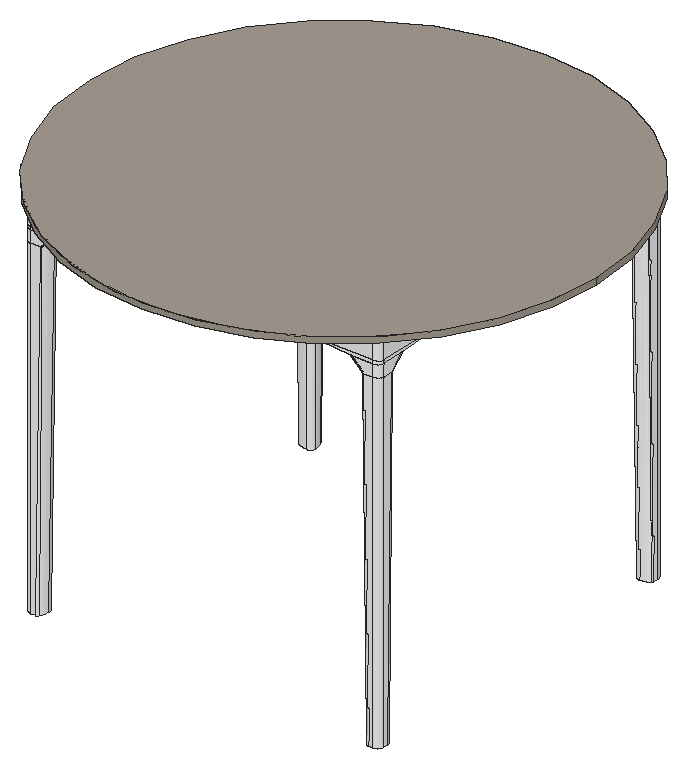
Revit family "BDG_BossDesign_Tbls_ATOM_CircularTables1", category Furniture, Revit 2016
Family settings
  OmniClass Number = 23.40.20.00
  OmniClass Title = General Furniture and Specialties
  Work Plane-Based = No
  Always vertical = Yes
  Cut with Voids When Loaded = No
  Shared = Yes
  Room Calculation Point = No
Parameters (values of type "1000mm Circular Table")
  WorksurfaceArea = 0.00 m²
  WarrantyStartDate [instance] = "1900-12-31T23:59:59"
  WarrantyGuarantorParts = "sales@bossdesign.com"
  WarrantyGuarantorLabor = "sales@bossdesign.com"
  WarrantyDurationUnit = "year"
  WarrantyDurationParts = "5"
  WarrantyDurationLabor = "5"
  WarrantyDescription = "n/a"
  Version = "1"
  Uniclass2015Version = "Products v1.10"
  Uniclass2015Title = "Desks, tables and worktops"
  Uniclass2015Code = "Pr_40_50_21"
  Uniclass2 = "n/a"
  URL = "www.bossdesign.com"
  TopMaterial = BDG_Generic_Wood_MFC
  TagNumber [instance] = "n/a"
  SustainabilityPerformance = "n/a"
  Style = "n/a"
  Size = "1000 x 1000 x 735mm"
  Shape = "Circular"
  SerialNumber [instance] = "n/a"
  Revision = "n/a"
  ReplacementCost = "n/a"
  ProductInformation = "www.bossdesign.com/product-list/atom-tables"
  NumberOfChairs = 0
  NominalWidth = 1000 mm
  NominalLength = 1000 mm
  NominalHeight = 735 mm
  Name = "Tables_ATOM_CircularTables_BossDesign"  # constant formula
  NBSTypeID = "n/a"
  NBSReference = "45-35-86/327"
  NBSOfficeMasterTag = "n/a"
  NBSDescription = "Tables"
  ModelReference = "1000mm Circular Table"
  ModelNumber = "BOSS_ATTC1000"
  Model = ModelNumber  # "BOSS_ATTC1000"
  Material = "Standard Finishes - MFC, MF MDF, Compact Laminate, \r\nPremium Finishes - Oak & BAW Veneer, Fenix and Linoleum. "  # constant formula
  ManufacturerURL = "www.bossdesign.com"
  ManufacturerName = "n/a"
  Manufacturer = "sales@bossdesign.com"
  MainColor = Color  # "n/a"
  Keynote = Uniclass2015Code  # "Pr_40_50_21"
  InstallationDate [instance] = "1900-12-31T23:59:59"
  IfcExportType = "TABLE"
  IfcExportAs = "IfcFurnishingElementType"
  Grade = "n/a"
  FrameMaterial = BDG_Generic_MFC_White
  FrameLength = 700 mm
  Finish = "Black RAL 9005 or White RAL 9016 Painted Leg Finish\r\n\r\nStandard Finishes - MFC, MF MDF, Compact Laminate, \r\nPremium Finishes - Oak & BAW Veneer, Fenix and Linoleum. "  # constant formula
  Features = "n/a"
  ExpectedLife = "5"
  DurationUnit = "year"
  Description = ModelReference  # "1000mm Circular Table"
  Constituents = "n/a"
  Color = "n/a"
  CodePerformance = "n/a"
  Category = "Pr_40_50_21 : Desks, tables and worktops"
  BarCode [instance] = "n/a"
  BIMObjectName = "BDG_BossDesign_Tables_ATOM_CircularTables"  # constant formula
  Author = "BIMBox"  # constant formula
  AssetType = "Movable"
  AssetIdentifier [instance] = "n/a"
  Assembly Code = "E2020200"
  AccessibilityPerformance = "n/a"
Types (3, lengths in mm): name | Size | NominalWidth | NominalLength | ModelReference | ModelNumber | Model | FrameLength | Description
  1200mm Circular Table | "1200 x 1200 x 735mm" | 1200 | 1200 | "1200mm Circular Table" | "BOSS_ATTC1200" | "BOSS_ATTC1200" | 800 | "1200mm Circular Table"
  1500mm Circular Table | "1500 x 1500 x 735mm" | 1500 | 1500 | "1500mm Circular Table" | "BOSS_ATTC1500" | "BOSS_ATTC1500" | 1000 | "1500mm Circular Table"
  1000mm Circular Table | "1000 x 1000 x 735mm" | 1000 | 1000 | "1000mm Circular Table" | "BOSS_ATTC1000" | "BOSS_ATTC1000" | 700 | "1000mm Circular Table"
Reference planes
  plane 1 "Center (Front/Back)": y = 0
  plane 2: z = 0
  plane 3 "Center (Left/Right)": x = 0
  plane 4: x = -350
  plane 5: y = 350
  plane 6: z = 735
  plane 7: z = 723
  plane 8: z = 686
  plane 9: y = 229
  plane 10: x = -229
  plane 11: x = 229
  plane 12: x = 350
  plane 13: y = -229
  plane 14: y = -350
  plane 15: x = -205
  plane 16: x = 205
  plane 17: y = 205
  plane 18: y = -205
Forms (mm)
  Extrusion 1, solid, material "BDG_Generic_Wood_MFC" <- "TopMaterial"
    sketch origin (0, 0, 0) x (1, 0, 0) y (0, 1, 0)
      loop
        circle (0, 0) r 500
    from 723 to 735
  Extrusion 2, solid, material "BDG_Generic_MFC_White" <- "FrameMaterial"
    sketch origin (0, 0, 0) x (1, 0, 0) y (0, 1, 0)
      loop
        line (-205, 350) -> (-205, 229) -> (205, 229) -> (205, 350) -> (-205, 350)
    from 686 to 723
  Extrusion 3, solid, material "BDG_Generic_MFC_White" <- "FrameMaterial"
    sketch origin (0, 0, 0) x (1, 0, 0) y (0, 1, 0)
      loop
        line (-205, -350) -> (205, -350) -> (205, -229) -> (-205, -229) -> (-205, -350)
    from 686 to 723
  Extrusion 4, solid, material "BDG_Generic_MFC_White" <- "FrameMaterial"
    sketch origin (0, 0, 0) x (1, 0, 0) y (0, 1, 0)
      loop
        line (-350, 205) -> (-350, -205) -> (-229, -205) -> (-229, 205) -> (-350, 205)
    from 686 to 723
  Extrusion 5, solid, material "BDG_Generic_MFC_White" <- "FrameMaterial"
    sketch origin (0, 0, 0) x (-1, 0, 0) y (0, -1, 0)
      loop
        line (-350, -205) -> (-229, -205) -> (-229, 205) -> (-350, 205) -> (-350, -205)
    from 686 to 723
Dimensions and locks
  locked: plane 6 to plane 7 at 12
  locked: plane 7 to plane 8 at 37
  locked: plane 9 to plane 5 at 121
  locked: plane 4 to plane 15 at 145
  locked: plane 16 to plane 12 at 145
  locked: plane 4 to plane 10 at 121
  locked: plane 11 to plane 12 at 121
  locked: plane 17 to plane 5 at 145
  locked: plane 13 to plane 14 at 121
  locked: plane 18 to plane 14 at 145
  "FrameLength": plane 14 to plane 5
  "FrameLength": plane 4 to plane 12
  equal spacing: plane 4, plane 3 "Center (Left/Right)", plane 12
  equal spacing: plane 14, plane 1 "Center (Front/Back)", plane 5
  plane 6 to plane 2 = 735 mm
  "NominalLength": diameter of Extrusion 1 sketch curve
  aligned and locked: level to plane 2
  aligned and locked: plane 6 to Extrusion 1
  aligned and locked: Extrusion 1 to plane 7
  aligned and locked: plane 3 "Center (Left/Right)" to Extrusion 1 sketch curve
  aligned and locked: plane 1 "Center (Front/Back)" to Extrusion 1 sketch curve
  aligned and locked: plane 15 to Extrusion 2 sketch curve
  aligned and locked: plane 16 to Extrusion 2 sketch curve
  aligned and locked: Extrusion 2 sketch curve to plane 9
  aligned and locked: plane 13 to Extrusion 3 sketch curve
  aligned and locked: Extrusion 3 sketch curve to plane 16
  aligned and locked: Extrusion 3 sketch curve to plane 15
  aligned and locked: plane 4 to Extrusion 4 sketch curve
  aligned and locked: Extrusion 4 sketch curve to plane 10
  aligned and locked: plane 17 to Extrusion 4 sketch curve
  aligned and locked: plane 18 to Extrusion 4 sketch curve
  aligned and locked: plane 11 to Extrusion 5 sketch curve
  aligned and locked: Extrusion 5 sketch curve to plane 12
  aligned and locked: Extrusion 5 sketch curve to plane 17
  aligned and locked: Extrusion 5 sketch curve to plane 18
  aligned and locked: plane 7 to Extrusion 4
  aligned and locked: Extrusion 4 to plane 8
  aligned and locked: plane 7 to Extrusion 5
  aligned and locked: Extrusion 5 to plane 8
  aligned and locked: plane 7 to Extrusion 3
  aligned and locked: plane 8 to Extrusion 2
  aligned and locked: plane 7 to Extrusion 2
  aligned and locked: Extrusion 3 to plane 8
  aligned and locked: nested 2 to plane 12
  aligned and locked: nested 2 to plane 5
  aligned and locked: plane 5 to nested 1
  aligned and locked: nested 3 to plane 14
  aligned and locked: plane 14 to nested 4
  aligned and locked: plane 12 to nested 4
  aligned and locked: nested 3 to plane 4
  aligned and locked: plane 4 to nested 1
  aligned and locked: nested 1 to plane 5
Automatic sketch dimensions
  plane 5 to Extrusion 2 sketch curve = 0 mm
  Extrusion 3 sketch curve to plane 14 = 0 mm
Nested families
  nested 1: "Atom Tables Leg Edge" at (-350, 350, 0), FrameMaterial <- "FrameMaterial", type "Standard"
    with FrameMaterial BDG_Generic_MFC_White
  nested 2: "Atom Tables Leg Edge" at (350, 350, 0) x (-1, 0, 0) z (0, 0, 1), FrameMaterial <- "FrameMaterial", type "Standard"
    with FrameMaterial BDG_Generic_MFC_White
  nested 3: "Atom Tables Leg Edge" at (-350, -350, 0), FrameMaterial <- "FrameMaterial", type "Standard"
    with FrameMaterial BDG_Generic_MFC_White
  nested 4: "Atom Tables Leg Edge" at (350, -350, 0) x (-1, 0, 0) z (0, 0, 1), FrameMaterial <- "FrameMaterial", type "Standard"
    with FrameMaterial BDG_Generic_MFC_White
Definition of nested family "Atom Tables Leg Edge"
  Parameters (values of type "Standard")
    URL = "n/a"
    Model = "n/a"
    Manufacturer = "n/a"
    Keynote = "n/a"
    FrameMaterial [instance] = none
    Description = "n/a"
    Assembly Code = "n/a"
  Reference planes
    plane 1 "Center (Front/Back)": y = 0
    plane 2: z = 0
    plane 3 "Center (Left/Right)": x = 0
    plane 4: z = 735
    plane 5: z = 723
    plane 6: z = 686.389
    plane 7: z = 735
    plane 8: z = 723
  Forms (mm)
    Blend 1, solid, material <- "FrameMaterial"
      base sketch origin (0, 0, 0) x (1, 0, 0) y (0, 1, 0)
        loop
          arc (11.988, 0) -> (3.511, -3.511) -> (0, -11.988) r 11.988
          line (0, -11.988) -> (0, -21.565)
          arc (0, -21.565) -> (0.508, -23.606) -> (1.915, -25.171) r 4.353
          arc (1.915, -25.171) -> (11.033, -29.541) -> (21.027, -31.074) r 34.414
          arc (21.027, -31.074) -> (28.145, -28.145) -> (31.074, -21.027) r 10
          arc (31.074, -21.027) -> (29.563, -11.103) -> (25.253, -2.037) r 34.414
          arc (25.253, -2.037) -> (23.6, -0.541) -> (21.436, 0) r 4.594
          line (21.436, 0) -> (11.988, 0)
      top sketch origin (0, 0, 0) x (1, 0, 0) y (0, 1, 0)
        loop
          line (31.212, 0) -> (12.002, 0)
          arc (12.002, 0) -> (3.515, -3.515) -> (0, -12.002) r 12.002
          line (0, -12.002) -> (0, -31.304)
          arc (0, -31.304) -> (0.397, -32.431) -> (1.412, -33.062) r 1.8
          arc (1.412, -33.062) -> (14.266, -35.391) -> (27.26, -36.737) r 171.763
          arc (27.26, -36.737) -> (33.964, -34.356) -> (36.845, -27.852) r 9
          arc (36.845, -27.852) -> (35.858, -14.263) -> (32.635, -1.025) r 82
          arc (32.635, -1.025) -> (32.089, -0.283) -> (31.212, 0) r 1.5
      from 0 to 655.812
    Blend 2, solid, material <- "FrameMaterial"
      base sketch origin (0, 0, 0) x (1, 0, 0) y (0, 1, 0)
        loop
          arc (12.086, 0) -> (3.54, -3.54) -> (0, -12.086) r 12.086
          line (0, -12.086) -> (0, -56.349)
          arc (0, -56.349) -> (0.765, -59.006) -> (2.825, -60.851) r 5
          arc (2.825, -60.851) -> (22.245, -67.727) -> (42.697, -70.209) r 94.048
          arc (42.697, -70.209) -> (63.616, -61.003) -> (70.477, -39.202) r 27.676
          arc (70.477, -39.202) -> (66.914, -20.782) -> (60.806, -3.044) r 133.551
          arc (60.806, -3.044) -> (58.963, -0.83) -> (56.204, 0) r 5
          line (56.204, 0) -> (12.086, 0)
      top sketch origin (0, 0, 0) x (1, 0, 0) y (0, 1, 0)
        loop
          arc (12.086, 0) -> (3.54, -3.54) -> (0, -12.086) r 12.086
          line (0, -12.086) -> (0, -31.143)
          arc (0, -31.143) -> (0.441, -32.397) -> (1.571, -33.097) r 2
          arc (1.571, -33.097) -> (14.703, -35.453) -> (27.979, -36.782) r 171.763
          arc (27.979, -36.782) -> (34.147, -34.587) -> (36.833, -28.618) r 8.347
          arc (36.833, -28.618) -> (35.944, -14.824) -> (32.751, -1.376) r 82
          arc (32.751, -1.376) -> (32.024, -0.38) -> (30.851, 0) r 2
          line (30.851, 0) -> (12.086, 0)
      from 679.812 to 655.812
    Blend 3, solid, material <- "FrameMaterial"
      base sketch origin (0, 0, 0) x (1, 0, 0) y (0, 1, 0)
        loop
          line (0, -145) -> (118.142, -145)
          arc (118.142, -145) -> (119.503, -144.466) -> (120.136, -143.148) r 2
          arc (120.136, -143.148) -> (127.39, -127.322) -> (143.216, -120.069) r 25
          arc (143.216, -120.069) -> (144.533, -119.435) -> (145.068, -118.074) r 2
          line (145.068, -118.074) -> (145.068, 0) -> (12.086, 0)
          arc (12.086, 0) -> (3.54, -3.54) -> (0, -12.086) r 12.086
          line (0, -12.086) -> (0, -145)
      top sketch origin (0, 0, 0) x (1, 0, 0) y (0, 1, 0)
        loop
          line (56.204, 0) -> (12.086, 0)
          arc (12.086, 0) -> (3.54, -3.54) -> (0, -12.086) r 12.086
          line (0, -12.086) -> (0, -56.349)
          arc (0, -56.349) -> (0.765, -59.006) -> (2.825, -60.851) r 5
          arc (2.825, -60.851) -> (21.988, -67.666) -> (42.169, -70.202) r 94.048
          arc (42.169, -70.202) -> (63.47, -60.912) -> (70.419, -38.735) r 28
          arc (70.419, -38.735) -> (66.853, -20.556) -> (60.806, -3.044) r 133.551
          arc (60.806, -3.044) -> (58.963, -0.83) -> (56.204, 0) r 5
      from 686 to 679.812
    Extrusion 4, solid, material <- "FrameMaterial"
      sketch origin (0, 0, 0) x (1, 0, 0) y (0, 1, 0)
        loop
          line (0, -12.086) -> (0, -145) -> (118.142, -145)
          arc (118.142, -145) -> (119.503, -144.466) -> (120.136, -143.148) r 2
          arc (120.136, -143.148) -> (127.39, -127.322) -> (143.216, -120.069) r 25
          arc (143.216, -120.069) -> (144.533, -119.435) -> (145.068, -118.074) r 2
          line (145.068, -118.074) -> (145.068, 0) -> (12.086, 0)
          arc (12.086, 0) -> (3.54, -3.54) -> (0, -12.086) r 12.086
      from 686 to 723
  Dimensions and locks
    plane 4 to level = 735 mm
    plane 4 to plane 5 = 12 mm
    plane 5 to plane 6 = 36.611 mm
    aligned and locked: level to plane 2
    aligned and locked: Extrusion 4 to plane 8
